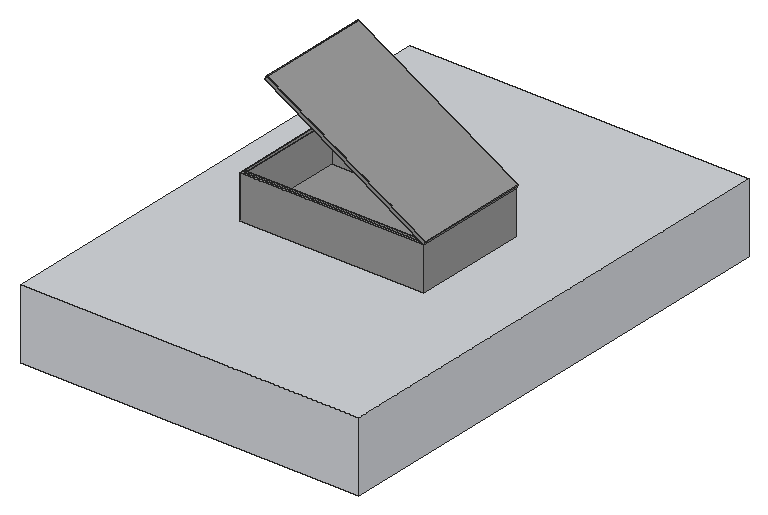
Revit family "Hager-Univers-IP44-D205-H500-Cl.II-Encl-DE-de", category Equipement électrique, Revit 2020
Family settings
  Hôte = Face
  Configuration du panneau = Deux colonnes, circuits au sein
  Cote de connecteur circulaire = Utiliser le diamètre
  Type d'élément = Tableau de raccordement
  Couper avec des vides une fois chargée = Non
  Partagée = Non
  Point de calcul de pièce = Non
Parameters (values of type "Aufputz IP44 B800 H500 T205  - FP33SN2")
  Width Control [instance] = if([EF000008 - Breite] > Min Width, [EF000008 - Breite], Min Width)  # 800 mm
  Commentaires du type = [HG000003 - Bereich]  # "Univers"
  Thickness Door [instance] = if([EF009171 - Materialstärke Tür/Deckel] > 3 mm, 3 mm, [EF009171 - Materialstärke Tür/Deckel])  # 1 mm
  Seal Frame Offset [instance] = 17 mm  # constant formula
  Plinth Visibility [instance] = [HG000027 - Sockelhöhe] > 0 mm  # no
  Model = ""
  Min Width [instance] = 100 mm  # constant formula
  Min Height [instance] = 100 mm  # constant formula
  Min Depth [instance] = (2 * [EF009170 - Materialstärke Gehäuse]) + 1 mm  # 3 mm
  Internal Frame Depth [instance] = (Door System Depth * 0.5)  # 9 mm
  Height Control [instance] = if([EF000040 - Höhe] > Min Height, [EF000040 - Höhe], Min Height)  # 500 mm
  HG000027 - Sockelhöhe = 0 mm
  HG000026 - Stehend auf dem Boden = no
  HG000024 - Höhe des unteren Teils = 800 mm
  HG000023 - Gehäuse mit doppeltem Querschnitt = no
  HG000016 - 3D-Türsichtbarkeit [instance] = yes
  HG000015 - Sichtbarkeit der Türöffnung [instance] = no
  HG000014 - Tür rechts [instance] = yes
  HG000013 - Tür links [instance] = not([HG000014 - Tür rechts])  # no
  HG000012 - Türschwenkwinkel [instance] = 30.00°
  HG000010 - Asymmetrische Türen = no
  HG000009 - Doppelflügeligen Tür = no
  HG000006 - Unterputz = no
  HG000004 - Herstellerreferenz = "FP33SN2"
  HG000003 - Bereich = "Univers"
  HG000002 - Mit tür = yes
  Frame Offset Bottom [instance] = 10 mm  # constant formula
  Frame Offset [instance] = 15 mm  # constant formula
  EF015940 - Deckel mit Überdruckentlastung = no
  EF011959 - Schutzart (NEMA) = ""
  EF009554 - Anzahl der Öffnungen für Flanschplatten = 6
  Fabricant = "Hager"  # constant formula
  EF009212 - Ausführung Deckel = "EV000116 - geschlossen"
  EF009171 - Materialstärke Tür/Deckel = 1 mm
  EF009170 - Materialstärke Gehäuse = 1 mm
  EF008873 - Nennstrom (In) = 250 A
  EF007800 - Geeignet für Blitzschutz = no
  EF006306 - Mit Schloss = no
  EF006244 - Transparenter Deckel/Tür = no
  EF005474 - Schutzart (IP) = "EV006418 - IP44"
  EF004464 - Art der Tür = "EV002646 - Einzel"
  EF004427 - Anzahl der Module = 108
  EF004293 - Schlagfestigkeit = "EV006815 - IK09"
  EF003532 - Geeignet für Außengebrauch = no
  EF002950 - Breite in Teilungseinheiten = 36
  EF001613 - Funktionserhalt = "EV000494 - ohne"
  EF001596 - Werkstoff des Gehäuses = "EV000179 - Stahl"
  EF001131 - Innentiefe = 143 mm
  EF001088 - Anbaumöglichkeit = yes
  EF000437 - Anzahl der Leitungseinführungen = 6
  EF000339 - Art der Abdeckung = "EV001012 - Deckel"
  EF000266 - Anzahl der Reihen = 3
  EF000218 - Einbautiefe = 205 mm
  EF000118 - Mit Montageplatte = no
  EF000116 - RAL-Nummer = "9010"
  EF000049 - Tiefe = 205 mm
  EF000040 - Höhe = 500 mm
  EF000008 - Breite = 800 mm
  EF000007 - Farbe = "EV000202 - weiß"
  EF000003 - Montageart = "EV000384 - Aufputz"
  Door System Leaf Tolerance [instance] = 1.5 mm  # constant formula
  Door System Depth [instance] = 18 mm  # constant formula
  Door Height [instance] = Height Control - [HG000027 - Sockelhöhe]  # 500 mm
  Depth Control [instance] = if([EF000049 - Tiefe] > Min Depth, [EF000049 - Tiefe], Min Depth)  # 205 mm
  Default Elevation = 0 mm
  Connector Offset [instance] = Height Control / 2  # 250 mm
  Bottom Top Plate Trim [instance] = 1.5 mm  # constant formula
  Plinth height Ctrl [instance] = if([HG000027 - Sockelhöhe] > 0 mm, [HG000027 - Sockelhöhe], 12 mm)  # 12 mm
Types (5, lengths in mm): name | Width Control | HG000010 - Asymmetrische Türen | HG000009 - Doppelflügeligen Tür | HG000004 - Herstellerreferenz | EF009554 - Anzahl der Öffnungen für Flanschplatten | EF004464 - Art der Tür | EF004427 - Anzahl der Module | EF002950 - Breite in Teilungseinheiten | EF000437 - Anzahl der Leitungseinführungen | EF000008 - Breite
  Aufputz IP44 B1050 H500 T205  - FP34SN2 | 1050 | no | yes | "FP34SN2" | 8 | "EV003602 - Doppel" | 144 | 48 | 8 | 1050
  Aufputz IP44 B1300 H500 T205  - FP35SN2 | 1300 | yes | yes | "FP35SN2" | 10 | "EV003602 - Doppel" | 180 | 60 | 10 | 1300
  Aufputz IP44 B300 H500 T205  - FP31SN2 | 300 | no | no | "FP31SN2" | 2 | "EV002646 - Einzel" | 36 | 12 | 2 | 300
  Aufputz IP44 B550 H500 T205  - FP32SN2 | 550 | no | no | "FP32SN2" | 4 | "EV002646 - Einzel" | 72 | 24 | 4 | 550
  Aufputz IP44 B800 H500 T205  - FP33SN2 | 800 | no | no | "FP33SN2" | 6 | "EV002646 - Einzel" | 108 | 36 | 6 | 800
Reference planes
  plane 1 "Center (Front/Back)": y = 0
  plane 2: z = 0
  plane 3 "Center (Left/Right)": x = 0
  plane 4: z = 205
  plane 5: y = 1
  plane 6: y = 250
  plane 7: y = 0
  plane 8: y = 500
  plane 9: z = 0
  plane 10: x = -385
  plane 11: x = 385
  plane 12: x = 384
  plane 13: x = -384
  plane 14: y = 499
  plane 15: x = -383
  plane 16: x = -400
  plane 17: x = 383
  plane 18: x = 400
  plane 19: x = 399
  plane 20: x = -399
  plane 21: y = 11
  plane 22: y = 500
  plane 23: y = 484
  plane 24: z = 187
  plane 25: z = 1
  plane 26: z = 186
  plane 27: z = 204
Forms (mm)
  Extrusion 1, solid
    sketch origin (0, 0, 0) x (1, 0, 0) y (0, 1, 0)
      loop
        line (-702.964, 1305) -> (-702.964, -811.445) -> (766.763, -811.445) -> (766.763, 1305) -> (-702.964, 1305)
    from 0 to -304.8
  Extrusion 2, solid, material "Hager_Steel_RAL7035_Light_Grey", visible <- "Plinth Visibility", detail levels medium+fine
    sketch origin (0, 0, 0) x (1, 0, 0) y (0, 1, 0)
      loop
        line (-400, 0) -> (400, 0) -> (400, 12) -> (-400, 12) -> (-400, 0)
    from 0 to 187
  Extrusion 3, solid, material "Hager_Steel_RAL7035_Light_Grey", detail levels medium+fine
    sketch origin (0, 0, 0) x (1, 0, 0) y (0, 1, 0)
      loop
        line (-400, 0) -> (400, 0) -> (400, 500) -> (-400, 500) -> (-400, 0)
    from 0 to 187
  Extrusion 4, void
    sketch origin (0, 0, 0) x (1, 0, 0) y (0, 1, 0)
      loop
        line (-399, 1) -> (399, 1) -> (399, 499) -> (-399, 499) -> (-399, 1)
    from 1 to 186
  Extrusion 5, void
    sketch origin (-381.607, -4572, 187) x (0, -1, 0) y (-1, 0, 0)
      loop
        line (-4583, 2.393) -> (-5056, 2.393) -> (-5056, -765.607) -> (-4583, -765.607) -> (-4583, 2.393)
    from 0 to 1 <- "EF009170 - Materialstärke Gehäuse"
  Extrusion 6, solid, material "Hager_Steel_RAL7035_Light_Grey", detail levels fine
    sketch origin (0, 0, 187) x (1, 0, 0) y (0, 1, 0)
      loop
        line (-384, 484) -> (-384, 11) -> (384, 11) -> (384, 484) -> (-384, 484)
      loop
        line (-385, 10) -> (385, 10) -> (385, 485) -> (-385, 485) -> (-385, 10)
    from 0 to 9 <- "Internal Frame Depth"
  Extrusion 7, solid, material "Hager_Steel_RAL7035_Light_Grey", detail levels coarse
    sketch origin (0, 0, 0) x (1, 0, 0) y (0, 1, 0)
      loop
        line (-400, 0) -> (400, 0) -> (400, 500) -> (-400, 500) -> (-400, 0)
    from 0 to 205
  Sweep 8, void
    path in 3D
      loop
        line (-400, 12, 0) -> (400, 12, 0) -> (400, 12, 187) -> (-400, 12, 187) -> (-400, 12, 0)
    profile origin (-400, 12, 93.5) x (-1, 0, 0) y (0, -1, 0)
      loop
        line (0, 0) -> (0, 1.5) -> (-1.5, 1.5)
        arc (-1.5, 1.5) -> (-1.061, 0.439) -> (0, 0) r 1.5
Cuts and joins
  Extrusion 4, Extrusion 5 cuts Extrusion 3
  Sweep 8 cuts Extrusion 2
Lines and regions (mm)
  Masking region 1
    outline origin (0, 0, 0) x (1, 0, 0) y (0, 0, 1)
      loop
        line (-400, 205) -> (-400, 0) -> (400, 0) -> (400, 205) -> (-400, 205)
  Masking region 2, detail levels medium+fine
    outline origin (0, 140, 0) x (0, 1, 0) y (0, 0, 1)
      loop
        line (-140, 0) -> (360, 0) -> (360, 187) -> (-140, 187) -> (-140, 0)
  Masking region 3, not visible, detail levels medium+fine
    outline origin (0, 297.922, 0) x (0, 1, 0) y (0, 0, 1)
      loop
        line (-36.422, 0) -> (3.578, 0) -> (3.578, 194)
        arc (3.578, 194) -> (0.649, 201.071) -> (-6.422, 204) r 10
        line (-6.422, 204) -> (-36.422, 204) -> (-36.422, 0)
  Masking region 4, detail levels coarse
    outline origin (0, 0, 180) x (0, 1, 0) y (0, 0, 1)
      loop
        line (0, -180) -> (500, -180) -> (500, 25) -> (0, 25) -> (0, -180)
  Masking region 5, visible <- "Plinth Visibility", detail levels medium+fine
    outline origin (0, 52.24, 12.345) x (0, 0, -1) y (0, 1, 0)
      loop
        line (10.845, -40.24) -> (-173.155, -40.24)
        arc (-173.155, -40.24) -> (-173.594, -41.301) -> (-174.655, -41.74) r 1.5
        line (-174.655, -41.74) -> (-174.655, -52.24) -> (12.345, -52.24) -> (12.345, -41.74)
        arc (12.345, -41.74) -> (11.285, -41.301) -> (10.845, -40.24) r 1.5
  Masking region 6, detail levels medium+fine
    outline origin (-381.607, -4572, 187) x (-1, 0, 0) y (0, -1, 0)
      loop
        line (18.393, -5072) -> (18.393, -4572) -> (-781.607, -4572) -> (-781.607, -5072) -> (18.393, -5072)
  Masking region 7, visible <- "Plinth Visibility", detail levels medium+fine
    outline origin (-381.607, -4727, 187) x (-1, 0, 0) y (0, -1, 0)
      loop
        arc (16.893, -4739) -> (17.332, -4737.939) -> (18.393, -4737.5) r 1.5
        line (18.393, -4737.5) -> (18.393, -4727) -> (-781.607, -4727) -> (-781.607, -4737.5)
        arc (-781.607, -4737.5) -> (-780.546, -4737.939) -> (-780.107, -4739) r 1.5
        line (-780.107, -4739) -> (16.893, -4739)
  Masking region 8, detail levels coarse
    outline origin (-442.548, -4669.526, 187) x (-1, 0, 0) y (0, -1, 0)
      loop
        line (-42.548, -5169.526) -> (-42.548, -4669.526) -> (-842.548, -4669.526) -> (-842.548, -5169.526) -> (-42.548, -5169.526)
  sketch lines
    curve 1: line (-400, 12, 187) -> (-400, 12, 0)
    curve 2: line (400, 12, 187) -> (-400, 12, 187)
    curve 3: line (400, 12, 187) -> (400, 12, 0)
    curve 4: line (-400, 12, 0) -> (400, 12, 0)
Dimensions and locks
  "Depth Control": plane 4 to Extrusion 1
  "HG000027 - Sockelhöhe": plane 1 "Center (Front/Back)" to plane 7
  "EF009170 - Materialstärke Gehäuse": plane 5 to plane 7
  locked: connector elem to plane 3 "Center (Left/Right)"
  equal spacing: plane 8, plane 6, plane 7
  locked: connector elem to plane 6
  "EF009170 - Materialstärke Gehäuse": plane 8 to plane 14
  "EF009170 - Materialstärke Gehäuse": plane 10 to plane 13
  "EF009170 - Materialstärke Gehäuse": plane 12 to plane 11
  "Frame Offset": plane 20 to plane 13
  "Frame Offset": plane 12 to plane 19
  "EF009170 - Materialstärke Gehäuse": plane 16 to plane 20
  "EF009170 - Materialstärke Gehäuse": plane 19 to plane 18
  "Seal Frame Offset": plane 16 to plane 15
  "Seal Frame Offset": plane 17 to plane 18
  "Frame Offset Bottom": plane 21 to plane 5
  "Frame Offset": plane 14 to plane 23
  equal spacing: plane 16, plane 3 "Center (Left/Right)", plane 18
  "Width Control": plane 16 to plane 18
  "EF009170 - Materialstärke Gehäuse": plane 4 to plane 27
  "EF009170 - Materialstärke Gehäuse": plane 24 to plane 26
  "EF009170 - Materialstärke Gehäuse": plane 25 to level
  "Door System Depth": plane 4 to plane 24
  "Height Control": plane 1 "Center (Front/Back)" to Extrusion 7 sketch curve
  "Height Control": Masking region 4 sketch curve to plane 1 "Center (Front/Back)"
  "Height Control": plane 1 "Center (Front/Back)" to plane 22
  "Bottom Top Plate Trim": profile plane to Sweep 8 sketch curve
  "Bottom Top Plate Trim": Sweep 8 sketch curve to profile plane
  "Plinth height Ctrl": plane 1 "Center (Front/Back)" to Extrusion 2 sketch curve
  "Plinth height Ctrl": Masking region 5 sketch curve to plane 1 "Center (Front/Back)"
  "Plinth height Ctrl": plane 1 "Center (Front/Back)" to Masking region 7 sketch curve
  "Thickness Door": Extrusion 6 sketch curve to Extrusion 6 sketch curve  (x3)
  "Thickness Door": cut or joined group of Extrusion 3, Extrusion 4, Extrusion 5 to Extrusion 6 sketch curve
  radius of Masking region 3 sketch curve = 10 mm
  "Bottom Top Plate Trim": radius of Masking region 5 sketch curve  (x2)
  "Bottom Top Plate Trim": radius of Sweep 8 sketch curve
  "Bottom Top Plate Trim": radius of Masking region 7 sketch curve  (x2)
  aligned and locked: plane 2 to Extrusion 1
  aligned and locked: level to Extrusion 1
  aligned and locked: level to Masking region 1 sketch curve
  aligned and locked: Masking region 1 sketch curve to plane 18
  aligned and locked: Masking region 1 sketch curve to plane 16
  aligned and locked: plane 7 to Masking region 2 sketch curve
  aligned and locked: level to Masking region 3 sketch curve
  aligned and locked: Masking region 3 sketch curve to plane 27
  aligned and locked: level to Masking region 2 sketch curve
  aligned and locked: plane 1 "Center (Front/Back)" to Extrusion 2 sketch curve
  aligned and locked: Extrusion 3 sketch curve to plane 7
  aligned and locked: plane 16 to Extrusion 3 sketch curve
  aligned and locked: plane 18 to Extrusion 3 sketch curve
  aligned and locked: plane 20 to Extrusion 4 sketch curve
  aligned and locked: plane 19 to Extrusion 4 sketch curve
  aligned and locked: Extrusion 4 sketch curve to plane 5
  aligned and locked: Extrusion 4 to plane 25
  aligned and locked: plane 26 to Extrusion 4
  aligned and locked: plane 24 to Extrusion 3
  aligned and locked: Extrusion 5 sketch curve to plane 21
  aligned and locked: Extrusion 5 sketch curve to plane 13
  aligned and locked: Extrusion 5 sketch curve to plane 12
  aligned and locked: plane 18 to Extrusion 7 sketch curve
  aligned and locked: plane 1 "Center (Front/Back)" to Extrusion 7 sketch curve
  aligned and locked: plane 16 to Extrusion 7 sketch curve
  aligned and locked: plane 4 to Extrusion 7
  aligned and locked: Extrusion 7 to level
  aligned and locked: level to Masking region 4 sketch curve
  aligned and locked: Masking region 4 sketch curve to plane 1 "Center (Front/Back)"
  aligned and locked: Masking region 4 sketch curve to plane 4
  aligned and locked: nested 1 to level
  aligned and locked: nested 1 to plane 16
  aligned and locked: plane 8 to Extrusion 3 sketch curve
  aligned and locked: plane 23 to Extrusion 5 sketch curve
  aligned and locked: plane 14 to Extrusion 4 sketch curve
  aligned and locked: Masking region 2 sketch curve to plane 8
  aligned and locked: level to Masking region 5 sketch curve
  aligned and locked: plane 16 to Extrusion 2 sketch curve
  aligned and locked: plane 18 to Extrusion 2 sketch curve
  aligned and locked: Masking region 5 sketch curve to plane 24
  aligned and locked: Masking region 2 sketch curve to plane 24
  aligned and locked: plane 24 to Extrusion 2
  aligned and locked: profile plane to Sweep 8 sketch curve  (x2)
  aligned and locked: Masking region 6 sketch curve to plane 18
  aligned and locked: Masking region 6 sketch curve to plane 22
  aligned and locked: Masking region 6 sketch curve to plane 16
  aligned and locked: plane 8 to plane 22
  aligned and locked: Masking region 6 sketch curve to plane 7
  aligned and locked: Masking region 7 sketch curve to plane 16
  aligned and locked: Masking region 7 sketch curve to plane 1 "Center (Front/Back)"
  aligned and locked: Masking region 7 sketch curve to plane 18
  aligned and locked: Masking region 8 sketch curve to plane 1 "Center (Front/Back)"
  aligned and locked: Masking region 8 sketch curve to plane 18
  aligned and locked: Masking region 8 sketch curve to plane 22
  aligned and locked: Masking region 8 sketch curve to plane 16
  aligned and locked: nested 2 to plane 7
  aligned and locked: plane 3 "Center (Left/Right)" to nested 2
  aligned and locked: nested 2 to plane 24
  aligned and locked: Extrusion 6 sketch curve to cut or joined group of Extrusion 3, Extrusion 4, Extrusion 5  (x4)
Automatic sketch dimensions
  Extrusion 1 sketch curve to Extrusion 1 sketch curve = 1469.727 mm
  Extrusion 1 sketch curve to Extrusion 1 sketch curve = 2116.445 mm
  Masking region 1 sketch curve to plane 4 = 0 mm
  plane 6 to Masking region 3 sketch curve = 11.5 mm
  Masking region 3 sketch curve to Masking region 3 sketch curve = 30 mm
  Masking region 5 sketch curve to plane 1 "Center (Front/Back)" = 0 mm
Nested families
  nested 1: "Hager_Enclosure_Symbol" at (-400, 0, 0) x (1, 0, 0) z (0, -1, 0), Height <- "Depth Control", Width <- "Width Control", type "Hager_Enclosure_Symbol"
    with Width_Ctrl 800 mm, Width 800 mm, Height_Ctrl 205 mm, Height 205 mm, A_Width_Int 13.453 mm, A_Width 161.438 mm, A_Height_Ctrl 179.375 mm, A_Height 179.375 mm
  nested 2: "EC000058_Univers_Door" at (0, 0, 187) x (1, 0, 0) z (0, 1, 0), Leaf_Tolerance <- "Door System Leaf Tolerance", Angle <- "HG000012 - Türschwenkwinkel", Door_Depth <- "Door System Depth", Door_Left <- "HG000013 - Tür links", Transparent <- "EF006244 - Transparenter Deckel/Tür", Assymetrical <- "HG000010 - Asymmetrische Türen", Width <- "Width Control", Clearance <- "HG000015 - Sichtbarkeit der Türöffnung", Double <- "HG000009 - Doppelflügeligen Tür", 3d_Door <- "HG000016 - 3D-Türsichtbarkeit", Lock_Visibility <- "EF006306 - Mit Schloss", Width_Ctrl <- "Width Control", Door_Right <- "HG000014 - Tür rechts", Door <- "HG000002 - Mit tür", Height <- "Door Height", Thickness <- "Thickness Door", type "EC000058_Univers_Door", detail levels medium+fine
    with min_wh 3 mm, Width_Ctrl 800 mm, Width 800 mm, Transparent no, Thickness 1 mm, Seal_Material Hager_Rubber, Lock_Visibility no, Lock_Material Hager_Plastic_RAL9005_Jet_Black, Leaf_Width 800 mm, Leaf_Tolerance_External_Sides 0 mm, Leaf_Tolerance 1.5 mm, Leaf_Offset 0 mm, Leaf_Height 497 mm, Leaf_2_Width 800 mm, Leaf_2_Offset 400 mm, Leaf_1_Width 800 mm, Leaf_1_Offset 400 mm, Height_Ctrl 500 mm, Height 500 mm, Glass_Material Hager_Glass, Double_Clearance_Ctrl no, Double no, Door_Right_Ctrl yes, Door_Right yes, Door_Material Hager_Steel_RAL7035_Light_Grey, Door_Left_Ctrl no, Door_Left no, Door_Depth 18 mm, Door yes, Clearance_Material Hager_Clearance, Clearance_Depth 800 mm, Clearance_Ctrl no, Clearance no, Assymetrical no, Angle 30.00°, 3d_Door yes
Connectors
  electrical at (0, 250, 0)
    settings: on plane 9, index 1, voltage 0 V, apparent load 0 VA, apparent load phase1 0 VA, apparent load phase2 0 VA, apparent load phase3 0 VA, power factor 1, load classification "Other", number of poles 1, system type 30, power factor state 1, is connector primary yes, connector utility no, sub classification motor no, connector description ""
Definition of nested family "EC000058_Univers_Door"
  Parameters (values of type "EC000058_Univers_Door")
    min_wh [instance] = (2 * Thickness) + 1 mm  # 11 mm
    Width_Ctrl [instance] = 400 mm
    Width [instance] = 500 mm
    Transparent [instance] = yes
    Thickness [instance] = 5 mm
    Seal_Material [instance] = none
    Lock_Visibility [instance] = yes
    Lock_Material [instance] = none
    Leaf_Width [instance] = if((Width_Ctrl - 2 * Leaf_Tolerance_External_Sides) > 0 mm, (Width_Ctrl - 2 * Leaf_Tolerance_External_Sides), min_wh)  # 400 mm
    Leaf_Tolerance_External_Sides [instance] = 0 mm  # constant formula
    Leaf_Tolerance [instance] = 1.5 mm
    Leaf_Offset [instance] = 0 mm  # constant formula
    Leaf_Height [instance] = if((Height_Ctrl - 2 * Leaf_Tolerance) > 0 mm, (Height_Ctrl - 2 * Leaf_Tolerance), min_wh)  # 497 mm
    Leaf_2_Width [instance] = if(and(and(Double, Assymetrical), Door_Left), (Leaf_Width / 3) - (Leaf_Tolerance / 2), if(and(and(Double, Assymetrical), Door_Right), (Leaf_Width / 3) * 2 - (Leaf_Tolerance / 2), if(and(Double, not(Assymetrical)), (Leaf_Width / 2) - Leaf_Tolerance, Leaf_Width)))  # 400 mm
    Leaf_2_Offset [instance] = if(and(Double, Assymetrical), Leaf_2_Width / 2, if(and(Double, not(Assymetrical)), Leaf_Width / 4, Leaf_Width / 2))  # 200 mm
    Leaf_1_Width [instance] = if(and(and(Double, Assymetrical), Door_Right), (Leaf_Width / 3) - (Leaf_Tolerance / 2), if(and(and(Double, Assymetrical), Door_Left), (Width / 3) * 2 - (Leaf_Tolerance / 2), if(and(Double, not(Assymetrical)), (Leaf_Width / 2) - Leaf_Tolerance, Leaf_Width)))  # 400 mm
    Leaf_1_Offset [instance] = if(and(Double, Assymetrical), Leaf_1_Width / 2, if(and(Double, not(Assymetrical)), Leaf_Width / 4, Leaf_Width / 2))  # 200 mm
    Height_Ctrl [instance] = if(Height > min_wh, Height, min_wh)  # 500 mm
    Height [instance] = 500 mm
    Glass_Material [instance] = none
    Double_Clearance_Ctrl [instance] = and(Double, Clearance)  # no
    Double [instance] = no
    Door_Right_Ctrl [instance] = and(or(Door_Right, Double), Door)  # yes
    Door_Right [instance] = yes
    Door_Material [instance] = none
    Door_Left_Ctrl [instance] = and(or(Door_Left, Double), Door)  # no
    Door_Left [instance] = no
    Door_Depth [instance] = 30 mm
    Door [instance] = yes
    Default Elevation = 1219.2 mm
    Clearance_Material [instance] = none
    Clearance_Depth [instance] = if(Leaf_1_Width > Leaf_2_Width, Leaf_1_Width, Leaf_2_Width)  # 400 mm
    Clearance_Ctrl [instance] = and(not(Double), Clearance)  # yes
    Clearance [instance] = yes
    Assymetrical [instance] = yes
    Angle [instance] = 30.00°
    3d_Door [instance] = yes
  Reference planes
    plane 1 "Center (Front/Back)": y = 0
    plane 2 "Bottom": z = 0
    plane 3 "Center (Left/Right)": x = 0
    plane 4: z = 500
    plane 5: x = -200
    plane 6: x = 200
    plane 7: z = 500
    plane 8: x = -200
    plane 9: z = 0
    plane 10: x = 200
    plane 11: y = 0
    plane 12: z = 1.5
    plane 13: x = -600
    plane 14: y = -400
    plane 15: x = 600
    plane 16: x = 0
    plane 17: x = 0
    plane 18: x = -200
    plane 19: x = 200
    plane 20: z = 498.5
  Forms (mm)
    Extrusion 1, solid, material <- "Clearance_Material", visible <- "Double_Clearance_Ctrl"
      sketch origin (1200, 0, 0) x (1, 0, 0) y (0, 0, -1)
        loop
          line (-1800, -498.5) -> (-600, -498.5) -> (-600, 0) -> (-1800, 0) -> (-1800, -498.5)
      from 0 to -400
  Dimensions and locks
    equal spacing: plane 5, plane 3 "Center (Left/Right)", plane 6
    "Width_Ctrl": plane 5 to plane 6
    "Leaf_Offset": plane 5 to plane 8
    "Leaf_Offset": plane 6 to plane 10
    "Leaf_Offset": plane 9 to level
    "Leaf_Offset": plane 4 to plane 7
    "Height_Ctrl": plane 4 to level
    "Leaf_Tolerance": plane 12 to plane 9
    locked: plane 11 to plane 1 "Center (Front/Back)"
    "Leaf_1_Offset": plane 18 to plane 16
    "Leaf_2_Offset": plane 17 to plane 19
    "Leaf_1_Width": plane 13 to plane 8
    "Leaf_2_Width": plane 10 to plane 15
    "Clearance_Depth": plane 14 to plane 1 "Center (Front/Back)"
    "Leaf_Tolerance_External_Sides": plane 8 to plane 18
    "Leaf_Tolerance_External_Sides": plane 19 to plane 10
    "Leaf_Tolerance": plane 7 to plane 20
    aligned and locked: level to plane 2 "Bottom"
    aligned and locked: nested 1 to plane 16
    aligned and locked: nested 2 to plane 17
    aligned and locked: Extrusion 1 to plane 13
    aligned and locked: plane 15 to Extrusion 1
    aligned and locked: Extrusion 1 to plane 14
    aligned and locked: plane 12 to nested 1
    aligned and locked: nested 2 to plane 12
    aligned and locked: Extrusion 1 to plane 11
    aligned and locked: plane 20 to Extrusion 1
    aligned and locked: nested 2 to plane 11
    aligned and locked: nested 1 to plane 11
  Automatic sketch dimensions
    Extrusion 1 sketch curve to level = 0 mm
    plane 5 to Extrusion 1 sketch curve = 400 mm
    plane 6 to Extrusion 1 sketch curve = 400 mm
    Extrusion 1 sketch curve to plane 4 = 1.5 mm
  Nested families
    nested 1: "EC000058_Univers_Door_Leaf" at (0, 0, 1.5), Width <- "Leaf_1_Width", visible <- "Door_Left_Ctrl", Leaf_Height <- "Leaf_Height", Angle <- "Angle", 3d_Door <- "3d_Door", Transparent <- "Transparent", Clearance Material <- "Clearance_Material", Clearance <- "Clearance_Ctrl", Door_Material <- "Door_Material", Glass_Material <- "Glass_Material", Door_Depth <- "Door_Depth", Lock_Material <- "Lock_Material", Seal_Material <- "Seal_Material", Lock_Visibility <- "Lock_Visibility", Thickness <- "Thickness", type "EC000058_Univers_Door_Leaf"
      with Width 400 mm, Transparent_Glass_Offset 30 mm, Transparent_Ctrl yes, Transparent yes, Thickness 5 mm, Standard no, Seal_Material none, Seal_D2 8 mm, Seal_D1 1 mm, Offset_Internal_Frame 10 mm, Lock_Width 20 mm, Lock_Visibility_3d yes, Lock_Visibility yes, Lock_Thickness_3 3 mm, Lock_Thickness_2 1 mm, Lock_Thickness_1 3 mm, Lock_Radius_Offset_2 16 mm, Lock_Radius_Offset_1 15 mm, Lock_Radius_2 5 mm, Lock_Radius 6 mm, Lock_Offset 5 mm, Lock_Material none, Lock_Height 80 mm, Lock_Cover_Top_Offset_2d 17 mm, Lock_Cover_Height -65 mm, Leaf_Height 497 mm, Internal_Seal_Thickness 8 mm, Internal_Seal_Depth_2 4.5 mm, Internal_Frame_Depth 25 mm, Glass_Thickness -1 mm, Glass_Offset -2 mm, Glass_Material none, Door_Material none, Door_Depth 30 mm, Clearance Material none, Clearance yes, Angle_Ctrl 30.00°, Angle 30.00°, 3d_Door yes
    nested 2: "EC000058_Univers_Door_Leaf" at (0, 0, 1.5) x (-1, 0, 0) z (0, 0, 1), Width <- "Leaf_2_Width", visible <- "Door_Right_Ctrl", Leaf_Height <- "Leaf_Height", Angle <- "Angle", 3d_Door <- "3d_Door", Transparent <- "Transparent", Clearance Material <- "Clearance_Material", Clearance <- "Clearance_Ctrl", Door_Material <- "Door_Material", Glass_Material <- "Glass_Material", Door_Depth <- "Door_Depth", Lock_Material <- "Lock_Material", Seal_Material <- "Seal_Material", Lock_Visibility <- "Lock_Visibility", Thickness <- "Thickness", type "EC000058_Univers_Door_Leaf"
      with Width 400 mm, Transparent_Glass_Offset 30 mm, Transparent_Ctrl yes, Transparent yes, Thickness 5 mm, Standard no, Seal_Material none, Seal_D2 8 mm, Seal_D1 1 mm, Offset_Internal_Frame 10 mm, Lock_Width 20 mm, Lock_Visibility_3d yes, Lock_Visibility yes, Lock_Thickness_3 3 mm, Lock_Thickness_2 1 mm, Lock_Thickness_1 3 mm, Lock_Radius_Offset_2 16 mm, Lock_Radius_Offset_1 15 mm, Lock_Radius_2 5 mm, Lock_Radius 6 mm, Lock_Offset 5 mm, Lock_Material none, Lock_Height 80 mm, Lock_Cover_Top_Offset_2d 17 mm, Lock_Cover_Height -65 mm, Leaf_Height 497 mm, Internal_Seal_Thickness 8 mm, Internal_Seal_Depth_2 4.5 mm, Internal_Frame_Depth 25 mm, Glass_Thickness -1 mm, Glass_Offset -2 mm, Glass_Material none, Door_Material none, Door_Depth 30 mm, Clearance Material none, Clearance yes, Angle_Ctrl 30.00°, Angle 30.00°, 3d_Door yes
  Definition of nested family "EC000058_Univers_Door_Leaf"
    Parameters (values of type "EC000058_Univers_Door_Leaf")
      Width [instance] = 2000 mm
      Transparent_Glass_Offset [instance] = 30 mm
      Transparent_Ctrl [instance] = and(Transparent, [3d_Door])  # yes
      Transparent [instance] = yes
      Thickness [instance] = 5 mm
      Standard [instance] = and(not(Transparent), [3d_Door])  # no
      Seal_Material [instance] = none
      Seal_D2 [instance] = 8 mm  # constant formula
      Seal_D1 [instance] = 1 mm  # constant formula
      Offset_Internal_Frame [instance] = 10 mm  # constant formula
      Lock_Width [instance] = 20 mm  # constant formula
      Lock_Visibility_3d [instance] = and(Lock_Visibility, [3d_Door])  # yes
      Lock_Visibility [instance] = yes
      Lock_Thickness_3 [instance] = 3 mm  # constant formula
      Lock_Thickness_2 [instance] = 1 mm  # constant formula
      Lock_Thickness_1 [instance] = 3 mm  # constant formula
      Lock_Radius_Offset_2 [instance] = Lock_Radius_Offset_1 + 1 mm  # 16 mm
      Lock_Radius_Offset_1 [instance] = 15 mm  # constant formula
      Lock_Radius_2 [instance] = Lock_Radius - 1 mm  # 5 mm
      Lock_Radius [instance] = 6 mm  # constant formula
      Lock_Offset [instance] = 5 mm  # constant formula
      Lock_Material [instance] = none
      Lock_Height [instance] = 80 mm  # constant formula
      Lock_Cover_Top_Offset_2d [instance] = Lock_Radius_Offset_2 + 1 mm  # 17 mm
      Lock_Cover_Height [instance] = -(Lock_Height - Lock_Radius_Offset_1)  # -65 mm
      Leaf_Height [instance] = 2720.336 mm
      Internal_Seal_Thickness [instance] = 8 mm  # constant formula
      Internal_Seal_Depth_2 [instance] = 4.5 mm  # constant formula
      Internal_Frame_Depth [instance] = if(Door_Depth - Thickness > 5 mm, Door_Depth - Thickness, 5 mm)  # 25 mm
      Glass_Thickness [instance] = if(Thickness > 15 mm, Glass_Offset + 10 mm, -1 mm)  # -1 mm
      Glass_Offset [instance] = if(Thickness > 15 mm, -(Thickness + 10 mm) / 2, -2 mm)  # -2 mm
      Glass_Material [instance] = none
      Door_Material [instance] = none
      Door_Depth [instance] = 30 mm
      Default Elevation = 0 mm
      Clearance Material [instance] = none
      Clearance [instance] = yes
      Angle_Ctrl [instance] = if(Angle > 180.00°, 180.00°, Angle)  # 90.00°
      Angle [instance] = 90.00°
      3d_Door [instance] = yes
    Reference planes
      plane 1 "Center (Front/Back)": y = 0
      plane 2: z = 0
      plane 3 "Center (Left/Right)": x = 0
      plane 4: y = 2000
      plane 5: x = -1000
      plane 6: x = 1000
      plane 7: x = -3000
      plane 8: z = 2720.336
      plane 9: z = 30
      plane 10: z = 2690.336
      plane 11: x = 970
      plane 12: x = -970
      plane 13: y = -3
      plane 14: z = 107.833
      plane 15: y = -5
      plane 16: y = -223.314
      plane 17: x = -1000
      plane 18: z = 1360.168
      plane 19: y = 30
    Forms (mm)
      Extrusion 1, solid, material <- "Clearance Material", visible <- "Clearance"
        sketch origin (0, 0, 0) x (1, 0, 0) y (0, 0, 1)
          loop
            line (-3000, 2720.336) -> (-3000, 0) -> (1000, 0) -> (1000, 2720.336) -> (-3000, 2720.336)
        from 0 to -2000
      Extrusion 2, solid, material <- "Door_Material", visible <- "Standard", detail levels medium+fine
        sketch origin (-1000, 0, 0) x (0, 1, 0) y (-1, 0, 0)
          loop
            line (0, 30) -> (0, 25) -> (2000, 25) -> (2000, 30) -> (0, 30)
        from 0 to 2720.336 <- "Leaf_Height"
      Extrusion 3, solid, material <- "Door_Material", visible <- "Transparent_Ctrl", detail levels medium+fine
        sketch origin (-1000, 0, 0) x (0, 1, 0) y (-1, 0, 0)
          loop
            line (0, 25) -> (2000, 25) -> (2000, 30) -> (0, 30) -> (0, 25)
        from 0 to 2720.336 <- "Leaf_Height"
      Extrusion 4, void
        sketch origin (-1025, 2000, 0) x (0, 1, 0) y (0, 0, -1)
          loop
            line (-30, -2690.336) -> (-30, -30) -> (-1970, -30) -> (-1970, -2690.336) -> (-30, -2690.336)
        from 0 to 5 <- "Thickness"
      Sweep 5, solid, material <- "Seal_Material", visible <- "Transparent_Ctrl", detail levels fine
        path in 3D
          loop
            line (-1025, 30, 30) -> (-1025, 30, 2690.336) -> (-1025, 1970, 2690.336) -> (-1025, 1970, 30) -> (-1025, 30, 30)
        profile origin (-1025, 1000, 30) x (1, 0, 0) y (0, 0, 1)
          loop
            line (0, 0) -> (0, -8) -> (1, -8) -> (1, 0) -> (0, 0)
      Extrusion 6, solid, material <- "Glass_Material", visible <- "Transparent_Ctrl", detail levels medium+fine
        sketch origin (-1030, 0, 0) x (0, 1, 0) y (0, 0, -1)
          loop
            line (1970, -2690.336) -> (1970, -30) -> (30, -30) -> (30, -2690.336) -> (1970, -2690.336)
        from -2 <- "Glass_Offset" to -1 <- "Glass_Thickness"
      Extrusion 7, solid, material <- "Door_Material", visible <- "3d_Door", detail levels medium+fine
        sketch origin (-1025, 2000, 0) x (0, -1, 0) y (0, 0, -1)
          loop
            line (0, -2720.336) -> (2000, -2720.336) -> (2000, 0) -> (0, 0) -> (0, -2720.336)
          loop
            line (1995, -5) -> (5, -5) -> (5, -2715.336) -> (1995, -2715.336) -> (1995, -5)
        from 0 to 25 <- "Internal_Frame_Depth"
      Sweep 8, solid, material <- "Seal_Material", visible <- "Transparent_Ctrl", detail levels fine
        path in 3D
          loop
            line (-1025, 0, 0) -> (-1025, 2000, 0) -> (-1025, 2000, 2720.336) -> (-1025, 0, 2720.336) -> (-1025, 0, 0)
        profile origin (-1025, 0, 1360.168) x (1, 0, 0) y (0, 1, 0)
          loop
            line (0, 10) -> (2.975, 10)
            arc (2.975, 10) -> (4.053, 10.447) -> (4.5, 11.525) r 1.525
            line (4.5, 11.525) -> (4.5, 16.527)
            arc (4.5, 16.527) -> (4.069, 17.569) -> (3.027, 18) r 1.473
            line (3.027, 18) -> (0, 18) -> (0, 10)
      Extrusion 9, solid, material <- "Lock_Material", visible <- "Lock_Visibility_3d", detail levels fine
        sketch origin (-1030, 0, 0) x (0, 1, 0) y (0, 0, -1)
          loop
            arc (1993.5, -1400.168) -> (1994.561, -1399.729) -> (1995, -1398.668) r 1.5
            line (1995, -1398.668) -> (1995, -1320.168) -> (1975, -1320.168) -> (1975, -1398.668)
            arc (1975, -1398.668) -> (1975.439, -1399.729) -> (1976.5, -1400.168) r 1.5
            line (1976.5, -1400.168) -> (1993.5, -1400.168)
        from 3 <- "Lock_Thickness_1" to 0
      Blend 10, solid, material <- "Lock_Material", visible <- "Lock_Visibility_3d", detail levels fine
        base sketch origin (-1033, 0, 0) x (0, 1, 0) y (0, 0, -1)
          loop
            line (1975, -1320.168) -> (1975, -1398.668)
            arc (1975, -1398.668) -> (1975.439, -1399.729) -> (1976.5, -1400.168) r 1.5
            line (1976.5, -1400.168) -> (1993.5, -1400.168)
            arc (1993.5, -1400.168) -> (1994.561, -1399.729) -> (1995, -1398.668) r 1.5
            line (1995, -1398.668) -> (1995, -1320.168) -> (1975, -1320.168)
        top sketch origin (-1033, 0, 0) x (0, 1, 0) y (0, 0, -1)
          loop
            line (1976, -1320.168) -> (1976, -1398.668)
            arc (1976, -1398.668) -> (1976.146, -1399.022) -> (1976.5, -1399.168) r 0.5
            line (1976.5, -1399.168) -> (1993.5, -1399.168)
            arc (1993.5, -1399.168) -> (1993.854, -1399.022) -> (1994, -1398.668) r 0.5
            line (1994, -1398.668) -> (1994, -1320.168) -> (1976, -1320.168)
        from 0 to 1 <- "Lock_Thickness_2"
      Blend 11, solid, material <- "Lock_Material", visible <- "Lock_Visibility_3d", detail levels fine
        base sketch origin (-1034, 0, 0) x (0, 1, 0) y (0, 0, -1)
          loop
            line (1978, -1320.168) -> (1978, -1384.168)
            arc (1978, -1384.168) -> (1985, -1391.168) -> (1992, -1384.168) r 7
            line (1992, -1384.168) -> (1992, -1320.168) -> (1978, -1320.168)
        top sketch origin (-1034, 0, 0) x (0, 1, 0) y (0, 0, -1)
          loop
            line (1991, -1320.168) -> (1979, -1320.168) -> (1979, -1383.168)
            arc (1979, -1383.168) -> (1985, -1389.168) -> (1991, -1383.168) r 6
            line (1991, -1383.168) -> (1991, -1320.168)
        from 0 to 3 <- "Lock_Thickness_3"
      Extrusion 12, solid, material <- "Lock_Material", visible <- "Lock_Visibility_3d", detail levels fine
        sketch origin (-1030, 1975, 1320.168) x (1, 0, 0) y (0, -1, 0)
          loop
            line (-7, -19) -> (-7, -1) -> (0, -1) -> (0, 0) -> (-8, 0) -> (-8, -20) -> (0, -20) -> (0, -19) -> (-7, -19)
        from 0 to -65 <- "Lock_Cover_Height"
      Extrusion 13, void
        sketch origin (-1038, 1995, 1320.168) x (-1, 0, 0) y (0, 0, -1)
          loop
            line (-5, -65) -> (0, -65) -> (-5, -60) -> (-5, -65)
        from 0 to 20 <- "Lock_Width"
      Extrusion 14, void
        sketch origin (-1038, 1975, 1320.168) x (0, -1, 0) y (0, 0, -1)
          loop
            circle (-10, -15.995) r 6
          loop
            circle (-10, -15.995) r 5
        from 0 to 2
      Extrusion 15, solid, material <- "Lock_Material", visible <- "Lock_Visibility_3d", detail levels medium
        sketch origin (-1030, 0, 0) x (0, 1, 0) y (0, 0, -1)
          loop
            arc (1993.5, -1400.168) -> (1994.561, -1399.729) -> (1995, -1398.668) r 1.5
            line (1995, -1398.668) -> (1995, -1320.168) -> (1975, -1320.168) -> (1975, -1398.668)
            arc (1975, -1398.668) -> (1975.439, -1399.729) -> (1976.5, -1400.168) r 1.5
            line (1976.5, -1400.168) -> (1993.5, -1400.168)
        from 8 to 0
    Cuts and joins
      Extrusion 4 cuts Extrusion 3
      Extrusion 13, Extrusion 14 cuts Extrusion 9
      Extrusion 14 cuts Blend 11
      Extrusion 13, Extrusion 14 cuts Extrusion 12
      joined: Extrusion 9, Blend 10, Blend 11, Extrusion 12
      Extrusion 14 cuts Extrusion 15
    Lines and regions (mm)
      Masking region 1, visible <- "Lock_Visibility", detail levels fine
        outline origin (0, 0, 0) x (0, 1, 0) y (0, 0, 1)
          loop
            line (30, 1320.168) -> (33, 1320.168) -> (33, 1400.168) -> (30, 1400.168) -> (30, 1320.168)
      Masking region 2, visible <- "Lock_Visibility", detail levels fine
        outline origin (0, 3.143, 0) x (0, 1, 0) y (0, 0, 1)
          loop
            line (29.857, 1354.168) -> (30.857, 1354.168) -> (30.857, 1366.168) -> (29.857, 1366.168) -> (29.857, 1354.168)
      Masking region 3, detail levels medium+fine
        outline origin (0, 0, 0) x (0, 1, 0) y (0, 0, 1)
          loop
            line (0, 0) -> (30, 0) -> (30, 2720.336) -> (0, 2720.336) -> (0, 0)
      Masking region 4, detail levels medium+fine
        outline origin (0, 0, 0) x (1, 0, 0) y (0, 0, 1)
          loop
            line (-1000, 2720.336) -> (-1000, 0) -> (1000, 0) -> (1000, 2720.336) -> (-1000, 2720.336)
      Masking region 5, visible <- "Lock_Visibility", detail levels fine
        outline origin (-47.116, 0, 0) x (1, 0, 0) y (0, 0, 1)
          loop
            arc (1024.616, 1399.168) -> (1023.556, 1398.729) -> (1023.116, 1397.668) r 1.5
            line (1023.116, 1397.668) -> (1023.116, 1320.168) -> (1041.116, 1320.168) -> (1041.116, 1397.668)
            arc (1041.116, 1397.668) -> (1040.677, 1398.729) -> (1039.616, 1399.168) r 1.5
            line (1039.616, 1399.168) -> (1024.616, 1399.168)
      Masking region 6, visible <- "Lock_Visibility", detail levels medium+fine
        outline origin (-25, 0, 0) x (1, 0, 0) y (0, 0, 1)
          loop
            arc (1001.5, 1400.168) -> (1000.439, 1399.729) -> (1000, 1398.668) r 1.5
            line (1000, 1398.668) -> (1000, 1320.168) -> (1020, 1320.168) -> (1020, 1398.668)
            arc (1020, 1398.668) -> (1019.561, 1399.729) -> (1018.5, 1400.168) r 1.5
            line (1018.5, 1400.168) -> (1001.5, 1400.168)
      Masking region 7, visible <- "Lock_Visibility", detail levels fine
        outline origin (-73.735, 0, 0) x (1, 0, 0) y (0, 0, 1)
          loop
            line (1051.735, 1382.168) -> (1065.735, 1382.168) -> (1065.735, 1384.168)
            arc (1065.735, 1384.168) -> (1058.735, 1391.168) -> (1051.735, 1384.168) r 7
            line (1051.735, 1384.168) -> (1051.735, 1382.168)
      Masking region 8, visible <- "Lock_Visibility", detail levels fine
        outline origin (-73.735, 0, 0) x (1, 0, 0) y (0, 0, 1)
          loop
            line (1052.735, 1382.168) -> (1064.735, 1382.168) -> (1064.735, 1383.168)
            arc (1064.735, 1383.168) -> (1058.735, 1389.168) -> (1052.735, 1383.168) r 6
            line (1052.735, 1383.168) -> (1052.735, 1382.168)
      Masking region 9, visible <- "Lock_Visibility", detail levels fine
        outline origin (-25, 0, 0) x (1, 0, 0) y (0, 0, 1)
          loop
            line (1020, 1320.168) -> (1020, 1382.168) -> (1000, 1382.168) -> (1000, 1320.168) -> (1020, 1320.168)
      Masking region 10, detail levels medium+fine
        outline origin (0, 0, 0) x (1, 0, 0) y (0, 0, 1)
          loop
            circle (985, 1335.144) r 6
      Masking region 11, detail levels fine
        outline origin (0, 0, 0) x (1, 0, 0) y (0, 0, 1)
          loop
            circle (985, 1335.144) r 5
      Masking region 12, visible <- "Lock_Visibility", detail levels fine
        outline origin (0, 12.767, 0) x (0, 1, 0) y (0, 0, 1)
          loop
            line (20.233, 1320.168) -> (21.233, 1320.168) -> (21.233, 1399.168) -> (20.233, 1400.168) -> (20.233, 1320.168)
      Masking region 13, visible <- "Lock_Visibility", detail levels fine
        outline origin (0, 13.767, -10) x (0, 1, 0) y (0, 0, 1)
          loop
            line (20.233, 1330.168) -> (23.233, 1330.168) -> (23.233, 1399.168) -> (20.233, 1402.168) -> (20.233, 1330.168)
      Masking region 14, visible <- "Lock_Visibility", detail levels fine
        outline origin (0, 12.767, -10) x (0, 1, 0) y (0, 0, 1)
          loop
            line (20.233, 1330.168) -> (25.233, 1330.168) -> (25.233, 1399.305) -> (20.233, 1394.305) -> (20.233, 1330.168)
      Masking region 15, visible <- "Lock_Visibility", detail levels medium
        outline origin (0, 0, 0) x (0, 1, 0) y (0, 0, 1)
          loop
            line (30, 1320.168) -> (38, 1320.168) -> (38, 1400.168) -> (30, 1400.168) -> (30, 1320.168)
      Masking region 16, visible <- "Lock_Visibility", detail levels fine
        outline origin (-1000, 0, 0) x (0, 1, 0) y (-1, 0, 0)
          loop
            line (1975, 30) -> (1995, 30) -> (1995, 38) -> (1975, 38) -> (1975, 30)
          loop
            line (1979, 37) -> (1976, 37) -> (1976, 34) -> (1978, 34) -> (1979, 37)
          loop
            line (1994, 37) -> (1991, 37) -> (1992, 34) -> (1994, 34) -> (1994, 37)
      Masking region 17, visible <- "Lock_Visibility", detail levels medium
        outline origin (-1000, 0, 0) x (0, 1, 0) y (-1, 0, 0)
          loop
            line (1975, 30) -> (1995, 30) -> (1995, 38) -> (1975, 38) -> (1975, 30)
      symbolic lines
        curve 1: line (1000, 0, 0) -> (-3000, 0, 0)
        curve 2: arc (1000, 0, 0) -> (-1000, 2000, 0) -> (-3000, 0, 0) r 2000
        curve 4: line (-1030, 0, 0) -> (-1030, 2000, 0)
      reference lines
        curve 3: line (-1000, 0, 0) -> (-1000, 2000, 0)
      symbolic lines, detail levels medium+fine
        curve 5: line (-1030, 2000, 0) -> (-1025, 2000, 0)
        curve 7: line (-1025, 0, 0) -> (-1030, 0, 0)
        curve 8: line (-1025, 0, 0) -> (-1000, 0, 0)
        curve 9: line (-1000, 0, 0) -> (-1000, 2000, 0)
        curve 10: line (-1000, 2000, 0) -> (-1025, 2000, 0)
      symbolic lines, detail levels fine
        curve 6: line (-1025, 2000, 0) -> (-1025, 0, 0)
      sketch lines
        curve 11: line (-1025, 0, 2720.336) -> (-1025, 0, 0)
        curve 12: line (-1025, 2000, 0) -> (-1025, 0, 0)
        curve 13: line (-1025, 2000, 2720.336) -> (-1025, 2000, 0)
        curve 14: line (-1025, 0, 2720.336) -> (-1025, 2000, 2720.336)
        curve 15: line (-1025, 1970, 30) -> (-1025, 30, 30)
        curve 16: line (-1025, 30, 30) -> (-1025, 30, 2690.336)
        curve 17: line (-1025, 1970, 2690.336) -> (-1025, 1970, 30)
        curve 18: line (-1025, 30, 2690.336) -> (-1025, 1970, 2690.336)
      symbolic lines, visible <- "Transparent", detail levels medium+fine
        curve 19: line (-970, 0, 2690.336) -> (970, 0, 2690.336)
        curve 20: line (-970, 0, 30) -> (-970, 0, 2690.336)
        curve 21: line (970, 0, 30) -> (-970, 0, 30)
        curve 22: line (970, 0, 2690.336) -> (970, 0, 30)
    Dimensions and locks
      "Width": plane 1 "Center (Front/Back)" to plane 4
      equal spacing: plane 5, plane 3 "Center (Left/Right)", plane 6
      "Width": plane 5 to plane 6
      "Width": plane 7 to plane 5
      "Leaf_Height": plane 8 to level
      "Width": curve 5 to curve 3
      "Width": curve 3 to curve 3
      plane 8 to plane 10 = 30 mm
      plane 9 to level = 30 mm
      plane 12 to plane 5 = 30 mm
      plane 6 to plane 11 = 30 mm
      Extrusion 1 to Extrusion 4 sketch curve = 30 mm
      "Transparent_Glass_Offset": curve 3 to Extrusion 4 sketch curve
      "Transparent_Glass_Offset": Extrusion 4 sketch curve to cut or joined group of Extrusion 3, Extrusion 4  (x2)
      cut or joined group of Extrusion 3, Extrusion 4 to Extrusion 6 sketch curve = 30 mm
      "Transparent_Glass_Offset": cut or joined group of Extrusion 3, Extrusion 4 to Extrusion 4 sketch curve
      "Thickness": curve 6 to curve 4
      "Thickness": Extrusion 7 sketch curve to Extrusion 7 sketch curve  (x4)
      "Door_Depth": curve 4 to curve 3
      "Offset_Internal_Frame": profile plane to Sweep 8 sketch curve
      "Internal_Seal_Thickness": Sweep 8 sketch curve to Sweep 8 sketch curve
      "Internal_Seal_Depth_2": profile plane to Sweep 8 sketch curve
      "Seal_D1": profile plane to Sweep 5 sketch curve
      "Seal_D2": profile plane to Sweep 5 sketch curve
      "Thickness": Extrusion 2 sketch curve to Extrusion 2 sketch curve
      equal spacing: Extrusion 9 sketch curve, plane 18, Extrusion 9 sketch curve  (x2)
      equal spacing: Masking region 1 sketch curve, plane 18, Masking region 1 sketch curve
      "Lock_Height": Masking region 1 sketch curve to Masking region 1 sketch curve
      "Lock_Radius": Masking region 2 sketch curve to plane 18 to Masking region 2 sketch curve
      Masking region 2 sketch curve to Masking region 1 = 1 mm
      "Door_Depth": plane 19 to plane 1 "Center (Front/Back)"
      "Lock_Thickness_1": Masking region 1 sketch curve to plane 19
      "Lock_Width": Extrusion 9 sketch curve to Extrusion 9 sketch curve
      "Lock_Height": Extrusion 9 sketch curve to Extrusion 9 sketch curve
      "Lock_Offset": cut or joined group of Extrusion 3, Extrusion 4 to Extrusion 9 sketch curve
      equal spacing: plane 8, plane 18, level
      "Lock_Radius_Offset_1": Blend 11 sketch curve to Blend 10
      locked: Blend 10 to Blend 11 sketch curve at 2  (x2)
      locked: var sketch to Blend 11 sketch curve at 1  (x2)
      "Lock_Radius_Offset_2": Blend 11 sketch curve to Blend 10
      locked: Extrusion 12 sketch curve to Extrusion 12 sketch curve at 1  (x3)
      Masking region 6 sketch curve to Masking region 6 sketch curve = 80 mm
      "Lock_Height": Masking region 6 sketch curve to Masking region 6 sketch curve
      "Lock_Width": Masking region 6 sketch curve to Masking region 6 sketch curve
      locked: Masking region 6 to Masking region 5 sketch curve at 1  (x3)
      locked: Masking region 5 to Masking region 7 sketch curve at 2  (x2)
      "Lock_Radius_Offset_1": Masking region 5 to Masking region 7 sketch curve
      "Lock_Radius_Offset_2": Masking region 5 to Masking region 8 sketch curve
      locked: Masking region 7 to Masking region 8 sketch curve at 1  (x2)
      "Lock_Cover_Top_Offset_2d": Masking region 5 to Masking region 9 sketch curve
      equal spacing: Masking region 9, Masking region 10 sketch curve, Masking region 9
      equal spacing: Masking region 9, Masking region 11 sketch curve, Masking region 9
      Extrusion 15 sketch curve to Extrusion 15 sketch curve = 80 mm
      "Lock_Width": Extrusion 15 sketch curve to Extrusion 15 sketch curve
      "Lock_Height": Extrusion 15 sketch curve to Extrusion 15 sketch curve
      equal spacing: Extrusion 15 sketch curve, plane 18, Extrusion 15 sketch curve
      "Lock_Thickness_3": Masking region 13 sketch curve to Masking region 13 sketch curve
      "Lock_Height": Masking region 12 sketch curve to Masking region 12 sketch curve
      locked: Masking region 13 sketch curve to Masking region 1 at 8
      locked: Masking region 14 sketch curve to Masking region 13 at 1
      locked: Masking region 14 sketch curve to Masking region 1 at 10.863
      "Lock_Height": Masking region 15 sketch curve to Masking region 15 sketch curve
      "Lock_Offset": Extrusion 15 sketch curve to cut or joined group of Extrusion 3, Extrusion 4
      "Lock_Offset": plane 6 to Masking region 6 sketch curve
      radius of Sweep 8 sketch curve = 1.525 mm
      radius of Sweep 8 sketch curve = 1.473 mm
      radius of Extrusion 9 sketch curve = 1.5 mm  (x2)
      "Lock_Radius": radius of Extrusion 14 sketch curve
      "Lock_Radius_2": radius of Extrusion 14 sketch curve
      "Lock_Radius": radius of Masking region 10 sketch curve
      "Lock_Radius_2": radius of Masking region 11 sketch curve
      radius of Extrusion 15 sketch curve = 1.5 mm  (x2)
      "Angle_Ctrl": angle plane 1 "Center (Front/Back)" to curve 3
      locked: Masking region 12 sketch curve to Masking region 12 sketch curve (angle 45.00°)
      locked: Masking region 13 sketch curve to Masking region 13 sketch curve (angle 45.00°)
      locked: Masking region 14 sketch curve to Masking region 14 sketch curve (angle 45.00°)
      aligned and locked: level to plane 2
      aligned and locked: Extrusion 1 to curve 1
      aligned and locked: plane 6 to Extrusion 1
      aligned and locked: Extrusion 1 to plane 1 "Center (Front/Back)"
      aligned and locked: plane 4 to Extrusion 1
      aligned and locked: plane 8 to Extrusion 1
      aligned and locked: curve 7 to Extrusion 2 sketch curve
      aligned and locked: curve 5 to Extrusion 2 sketch curve
      aligned and locked: curve 7 to Extrusion 3 sketch curve
      aligned and locked: Extrusion 3 sketch curve to curve 4
      aligned and locked: Extrusion 3 sketch curve to curve 6
      aligned and locked: Extrusion 3 sketch curve to curve 5
      aligned and locked: curve 9 to curve 3
      aligned and locked: Extrusion 7 sketch curve to cut or joined group of Extrusion 3, Extrusion 4  (x4)
      aligned and locked: plane 17 to curve 3
      aligned and locked: plane 1 "Center (Front/Back)" to curve 3
      aligned and locked: plane 17 to plane 5
      aligned and locked: Sweep 8 sketch curve to profile plane
      aligned and locked: Sweep 5 sketch curve to profile plane  (x2)
      aligned and locked: Masking region 1 to Masking region 2 sketch curve
      aligned and locked: plane 19 to Masking region 1 sketch curve
      aligned and locked: plane 1 "Center (Front/Back)" to Masking region 3 sketch curve
      aligned and locked: plane 19 to Masking region 3 sketch curve
      aligned and locked: level to Masking region 3 sketch curve
      aligned and locked: Masking region 3 sketch curve to plane 8
      aligned and locked: plane 17 to Masking region 4 sketch curve
      aligned and locked: level to Masking region 4 sketch curve
      aligned and locked: Masking region 4 sketch curve to plane 8
      aligned and locked: plane 12 to curve 20
      aligned and locked: plane 10 to curve 19
      aligned and locked: plane 11 to curve 22
      aligned and locked: curve 21 to plane 9
      aligned and locked: Extrusion 2 sketch curve to cut or joined group of Extrusion 3, Extrusion 4
      aligned and locked: Blend 10 sketch curve to Extrusion 9  (x4)
      aligned and locked: Extrusion 9 to Blend 10 sketch curve
      aligned and locked: Blend 10 to Blend 11 sketch curve
      aligned and locked: Extrusion 12 sketch curve to Blend 11
      aligned and locked: Extrusion 12 sketch curve to Extrusion 9  (x4)
      aligned and locked: Masking region 5 sketch curve to Masking region 6
      aligned and locked: Masking region 9 sketch curve to Masking region 6  (x3)
      aligned and locked: Masking region 12 sketch curve to Masking region 1
      aligned and locked: Masking region 13 sketch curve to Masking region 1
      aligned and locked: Masking region 12 to Masking region 14
      aligned and locked: Masking region 14 sketch curve to Masking region 1
      aligned and locked: Masking region 15 sketch curve to Masking region 14
      aligned and locked: Masking region 13 sketch curve to Masking region 12
      aligned and locked: Masking region 16 sketch curve to cut or joined group of Extrusion 14, Extrusion 15  (x4)
      aligned and locked: Masking region 16 sketch curve to cut or joined group of Extrusion 9, Blend 10, Blend 11, Extrusion 12, Extrusion 13, Extrusion 14  (x6)
      aligned and locked: cut or joined group of Extrusion 9, Blend 10, Blend 11, Extrusion 12, Extrusion 13, Extrusion 14 to Masking region 16 sketch curve
      aligned and locked: Masking region 17 sketch curve to cut or joined group of Extrusion 14, Extrusion 15  (x3)
      aligned and locked: Masking region 17 sketch curve to cut or joined group of Extrusion 9, Blend 10, Blend 11, Extrusion 12, Extrusion 13, Extrusion 14
      aligned and locked: Masking region 9 to Masking region 8 sketch curve
      aligned and locked: Masking region 9 to Masking region 7 sketch curve
    Automatic sketch dimensions
      plane 1 "Center (Front/Back)" to curve 2 = 0 mm
      curve 2 to plane 5 = 0 mm
      Extrusion 1 sketch curve to level = 0 mm
      Extrusion 1 sketch curve to plane 7 = 0 mm
      Extrusion 1 sketch curve to plane 6 = 0 mm
      Extrusion 1 sketch curve to plane 8 = 0 mm
      Extrusion 3 to Extrusion 6 sketch curve = 30 mm  (x4)
      Masking region 4 sketch curve to plane 6 = 0 mm
      Blend 10 sketch curve to Extrusion 9 = 1.5 mm
      Blend 10 sketch curve to Extrusion 9 = 1 mm
      Extrusion 13 sketch curve to Extrusion 12 = 0 mm  (x2)
      Extrusion 12 to Extrusion 13 sketch curve = 3 mm
      Extrusion 13 sketch curve to Extrusion 12 = 5 mm
      Extrusion 14 sketch curve to Extrusion 14 sketch curve = 0 mm  (x2)
      Extrusion 14 sketch curve to Extrusion 12 = 10 mm
      Extrusion 14 sketch curve to Extrusion 12 = 15.995 mm
      Masking region 5 sketch curve to Masking region 5 sketch curve = 1.5 mm  (x2)
      Masking region 10 sketch curve to plane 18 = 25.024 mm
      Masking region 11 sketch curve to plane 18 = 25.024 mm
      plane 19 to Masking region 14 sketch curve = 3 mm
      Masking region 16 sketch curve to Masking region 16 sketch curve = 3 mm
      curve 4 to curve 3 = 0 mm
      Blend 10 to Blend 11 sketch curve = 0 mm
      Masking region 6 sketch curve to Masking region 6 sketch curve = 1.5 mm  (x2)
      Masking region 6 sketch curve to plane 18 = 40 mm
      plane 19 to Masking region 12 sketch curve = 3 mm
      Masking region 12 sketch curve to Masking region 12 sketch curve = 1 mm
      Masking region 15 sketch curve to plane 19 = 0 mm
      Masking region 15 sketch curve to plane 18 = 40 mm
      radius of Blend 10 sketch curve to Extrusion 9 = 1 mm
Definition of nested family "Hager_Enclosure_Symbol"
  Parameters (values of type "Hager_Enclosure_Symbol")
    Width_Ctrl [instance] = if(Width > 1 mm, Width, 1 mm)  # 102.27 mm
    Width [instance] = 102.27 mm
    Height_Ctrl [instance] = if(Height > 1 mm, Height, 1 mm)  # 66.5 mm
    A_Width_Int [instance] = if(A_Width / 12 > 2 mm, A_Width / 12, 2 mm)  # 4.364 mm
    A_Width [instance] = if(A_Height_Ctrl * 0.9 > 2 mm, A_Height_Ctrl * 0.9, 2 mm)  # 52.369 mm
    A_Height_Ctrl [instance] = if(A_Height > 2 mm, A_Height, 2 mm)  # 58.188 mm
    Height [instance] = 66.5 mm
    A_Height [instance] = Height - (Height / 8)  # 58.188 mm
  Reference planes
    plane 1 "Centre (avant/arrière)": y = 0
    plane 2: z = 0
    plane 3 "Centre (gauche/droite)": x = 0
    plane 4: x = 52.369
    plane 5: y = 33.042
    plane 6: y = 41.77
    plane 7: y = 66.5
    plane 8: x = 26.184
    plane 9: y = 37.406
    plane 10: x = 102.27
    plane 11: y = 66.5
    plane 12: y = 8.313
  Lines and regions (mm)
    Filled region 1, type "Solid_Black", in view "Niveau de réf."
      outline origin (0, 0, 0) x (1, 0, 0) y (0, 1, 0)
        loop
          line (52.369, 66.5) -> (33.188, 54.536) -> (45.365, 45.006) -> (52.369, 66.5)
    Filled region 2, type "Solid_Black", in view "Niveau de réf."
      outline origin (0, 0, 0) x (1, 0, 0) y (0, 1, 0)
        loop
          line (0, 0) -> (102.27, 0) -> (102.27, 66.5) -> (0, 0)
    detail lines, in view "Niveau de réf."
      curve 1: line (0, 8.313, 0) -> (26.184, 41.77, 0)
      curve 2: line (26.184, 41.77, 0) -> (26.184, 33.042, 0)
      curve 3: line (26.184, 33.042, 0) -> (52.369, 66.5, 0)
  Dimensions and locks
    "A_Width": plane 3 "Centre (gauche/droite)" to plane 4
    equal spacing: plane 3 "Centre (gauche/droite)", plane 8, plane 4
    equal spacing: plane 6, plane 9, plane 5
    equal spacing: curve 3, Filled region 1 sketch curve, Filled region 1 sketch curve
    "Height_Ctrl": plane 1 "Centre (avant/arrière)" to plane 11
    "A_Height_Ctrl": plane 11 to plane 12
    equal spacing: plane 11, plane 9, plane 12
    "A_Width_Int": plane 6 to plane 9
    "Width_Ctrl": plane 3 "Centre (gauche/droite)" to plane 10
    angle Filled region 1 sketch curve to curve 3 = 20.00°
    angle curve 3 to Filled region 1 sketch curve = 20.00°
    locked: curve 3 to Filled region 1 sketch curve (angle 90.00°)
    aligned and locked: plane 10 to Filled region 2
    aligned and locked: plane 11 to Filled region 2 sketch curve
    aligned and locked: plane 10 to Filled region 2 sketch curve
    aligned and locked: plane 3 "Centre (gauche/droite)" to curve 1
    aligned and locked: plane 12 to curve 1
    aligned and locked: plane 7 to plane 11
  Automatic sketch dimensions
    Filled region 1 sketch curve to plane 4 = 0 mm
    Filled region 1 sketch curve to plane 7 = 0 mm
    plane 1 "Centre (avant/arrière)" to Filled region 2 sketch curve = 0 mm
    Filled region 2 sketch curve to plane 3 "Centre (gauche/droite)" = 0 mm
    curve 2 to plane 6 = 0 mm
    curve 2 to plane 8 = 0 mm
    curve 3 to plane 4 = 0 mm
    curve 2 to plane 5 = 0 mm
    curve 3 to plane 7 = 0 mm
